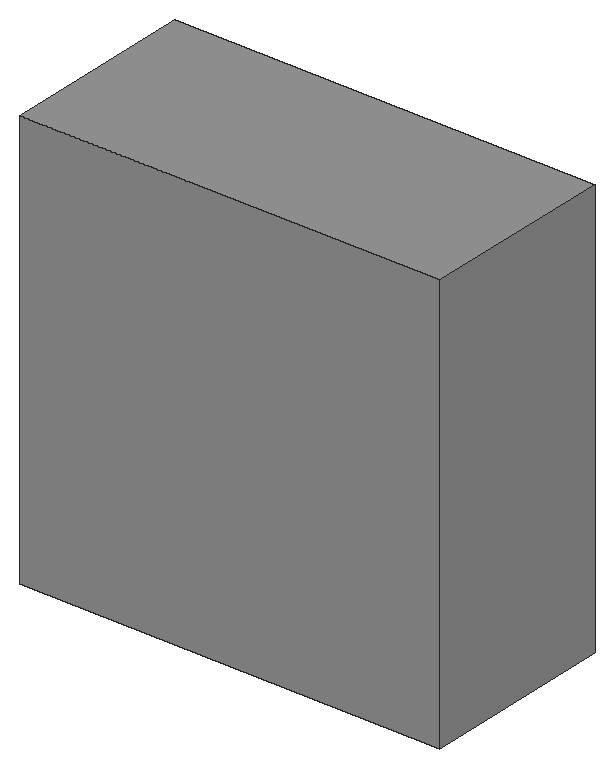
Revit family "EA_Luefter_V1700", category Elektrische Ausstattung, Revit 2017
Family settings
  Schalttafelkonfiguration = 2 Spalten, Stromkreise nach rechts
  Bemaßung runder Anschluss = Durchmesser verwenden
  Teiletyp = Verteilerkasten
  OmniClass-Nummer = 23.80.00.00
  OmniClass-Titel = Electric Power and Lighting
  Arbeitsebenenbasiert = Nein
  Immer vertikal = Ja
  Beim Laden mit Abzugskörper schneiden = Ja
  Gemeinsam genutzt = Nein
  Raumberechnungspunkt = Nein
Parameters (values of type "Luefter")
  pbr_Material_KZ = ""
  pbr_Material = none
  pbr_E_Typ = ""
  pbr_E_KZ = ""
  pbr_DINBild = 0
  pbr_Bild = 0
  cpiFitMatchKey [instance] = "E-BM-BMPA"
  Wirkleistung [instance] = 0 W
  Typ [instance] = ""
  Tiefe = 37 mm
  Text3 [instance] = ""
  Text2 [instance] = ""
  Text1 [instance] = ""
  Spannung Phase zu Phase [instance] = 0 V
  Scheinleistung [instance] = 0 VA
  Scheinlast [instance] = 0 VA
  Polig [instance] = 1
  Planungsbüro Rohling = "www.pbr.de"
  Menge(Dosenzahl) [instance] = 0
  Lüfter = yes
  Länge = Breite  # 80 mm
  Linie/Anschluss [instance] = ""
  Leistungsfaktor [instance] = 0
  Lastklassifizierung [instance] = none
  Lastklassifizerung = Elektro
  Niveau [instance] = 1200 mm
  Installationsart [instance] = ""
  Info [instance] = ""
  Gewerk [instance] = "Steck"
  Breite = 80 mm
  Anlaufstrom [instance] = 0
Reference planes
  plane 1 "Mitte (Vorne/Hinten)": y = 0
  plane 2: z = 0
  plane 3 "Mitte (Links/Rechts)": x = 22.5
  plane 4: x = -127.5
  plane 5: x = 172.5
  plane 6: y = 300
  plane 7 "Schalterhinten": y = 0
  plane 8: x = -2977.5
  plane 9: x = 22.5
  plane 10: x = -1977.5
  plane 11: x = -17.5
  plane 12: x = 62.5
  plane 13: z = 1240
  plane 14: z = 1160
  plane 15 "SchalterVorne": y = 37
  plane 16 "3DMitte": x = 22.5
  plane 17 "Achse": z = 1200
  plane 18: z = 1197.5
  plane 19: z = 1202.5
  plane 20 "2DMitte": y = 150
Forms (mm)
  Extrusion 1, solid, material "Stahl, weich, geschweißt"
    sketch origin (0, 20, 0) x (0, 0, 1) y (-1, 0, 0)
      loop
        line (1160, 17.5) -> (1160, -62.5) -> (1240, -62.5) -> (1240, 17.5) -> (1160, 17.5)
    from -17 to 20
Dimensions and locks
  locked: plane 6 to plane 7 "Schalterhinten" at 300
  locked: plane 8 to plane 9 at 3000
  plane 8 to plane 3 "Mitte (Links/Rechts)" = 3000 mm
  locked: plane 1 "Mitte (Vorne/Hinten)" to plane 7 "Schalterhinten"
  "Breite": plane 12 to plane 11
  "Länge": plane 13 to plane 14
  plane 9 to plane 10 = 2000 mm
  equal spacing: plane 12, plane 16 "3DMitte", plane 11
  locked: plane 16 "3DMitte" to plane 10 at 2000
  equal spacing: plane 13, plane 17 "Achse", plane 14
  "Niveau": plane 17 "Achse" to level
  "Tiefe": plane 15 "SchalterVorne" to plane 1 "Mitte (Vorne/Hinten)"
  plane 13 to plane 18 = 42.5 mm
  plane 19 to plane 14 = 42.5 mm
  equal spacing: plane 4, plane 9, plane 5, locked at 150 each
  locked: plane 4 to plane 5 at 300
  equal spacing: plane 6, plane 20 "2DMitte", plane 7 "Schalterhinten", locked at 150 each
  aligned and locked: level to plane 2
  aligned and locked: Extrusion 1 sketch curve to plane 14
  aligned and locked: Extrusion 1 sketch curve to plane 11
  aligned and locked: Extrusion 1 sketch curve to plane 13
  aligned and locked: plane 12 to Extrusion 1 sketch curve
  aligned and locked: plane 1 "Mitte (Vorne/Hinten)" to Extrusion 1
  aligned and locked: Extrusion 1 to plane 15 "SchalterVorne"
  aligned and locked: nested 1 to plane 9
  aligned and locked: nested 1 to plane 7 "Schalterhinten"
Nested families
  nested 1: "Lüfter" at (22.5, 0, 0), visible <- "Lüfter", type "Lüfter"
Connectors
  electrical at (22.5, 0, 1200)
    settings: on Extrusion 1, index 1, voltage 0 V, apparent load 0 VA, apparent load phase1 0 VA, apparent load phase2 0 VA, apparent load phase3 0 VA, power factor 1, load classification "Sonstige", number of poles 1, system type 30, power factor state 1, is connector primary yes, connector utility no, sub classification motor no, connector description ""
Definition of nested family "Lüfter"
  Reference planes
    plane 1 "Mitte (Vorne/Hinten)": y = 0
    plane 2: z = 0
    plane 3 "Mitte (Links/Rechts)": x = 0
  Lines and regions (mm)
    detail lines, in view "Referenzebene"
      curve 1: circle (-3.306, 159.829, 0) r 160 normal (0, 0, 1)
      curve 2: line (-141.87, 79.829, 0) -> (156.694, 159.829, 0)
      curve 3: line (156.694, 159.829, 0) -> (-141.87, 239.829, 0)
